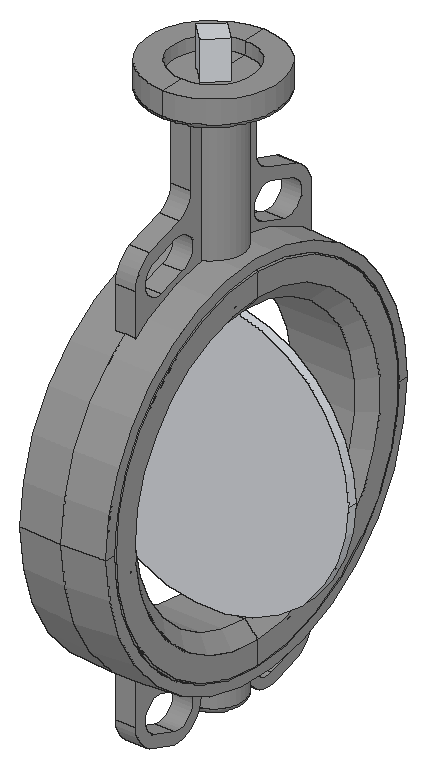
Revit family "Запорно-регулирующая заслонка ZF-4219", category Rohrzubehör, Revit 2020
Family settings
  Bemaßung runder Anschluss = Durchmesser verwenden
  Teiletyp = Unterbricht
  Arbeitsebenenbasiert = Nein
  Immer vertikal = Ja
  Beim Laden mit Abzugskörper schneiden = Nein
  Gemeinsam genutzt = Nein
Parameters
  Шпиндель = "Нержавеющая сталь ASTM-A276 / Type 316"  # constant formula
  Фланцевое соединение = "В соответствии с EN1092-2"  # constant formula
  Уплотнение корпуса = "EPDM в соответствии с ISO 1691"  # constant formula
  Среда = "Качество теплоносителя в соответствии с ÖNORM H5195 и/или предписаниями VDI 2035.\r\nРазрешается использование смеси этилен или пропиленгликоля в соотношении 25-50% с водой."
  Область применения = "Применяются в системах тепло- и холодоснабжения."
  Номер заказа [instance] = size_lookup("4219_ZF", "Artnr", 1421901, Nennweite)  # 1421927
  Макс. рабочая температура = 110 °C  # constant formula
  Крутящий момент в Нм [instance] = size_lookup("4219_ZF", "NM", 350, Nennweite)  # 150
  Корпус = "Чугун GG, GJS-250/JL1040, в соответствии с EN1561"  # constant formula
  Диск = "Нержавеющая сталь 1.4408"  # constant formula
  Вес [instance] = size_lookup("4219_ZF", "M", 37.6, Nennweite)  # 16.6
  Vorgabe-Ansicht = 0 mm
  URL = "www.herz-armaturen.ru"
  Болты PN16 [instance] = if(Nennweite = 50 mm, "4x M16x100", if(Nennweite = 65 mm, "4x M16x100", if(Nennweite = 80 mm, "8x M16x100", if(Nennweite = 100 mm, "8x M16x110", if(Nennweite = 125 mm, "8x M16x120", if(Nennweite = 150 mm, "8x M20x120", if(Nennweite = 200 mm, "12x M20x130", if(Nennweite = 250 mm, "12x M24x140", "12x M24x160"))))))))  # "12x M20x130"
  Болты PN 6 [instance] = if(Nennweite = 50 mm, "4x M12x100", if(Nennweite = 65 mm, "4x M12x100", if(Nennweite = 80 mm, "4x M16x100", if(Nennweite = 100 mm, "4x M16x100", if(Nennweite = 125 mm, "8x M16x110", if(Nennweite = 150 mm, "8x M16x110", if(Nennweite = 200 mm, "--", if(Nennweite = 250 mm, "12x M16x130", "12xM16x140"))))))))  # "--"
  Болты PN10 [instance] = if(Nennweite = 50 mm, "4x M16x100", if(Nennweite = 65 mm, "4x M16x100", if(Nennweite = 80 mm, "4x M16x100", if(Nennweite = 100 mm, "4x M16x110", if(Nennweite = 125 mm, "8x M16x120", if(Nennweite = 150 mm, "8x M20x120", if(Nennweite = 200 mm, "8x M20x130", if(Nennweite = 250 mm, "12x M20x130", "12x M20x150"))))))))  # "8x M20x130"
  SCTWSEQ = "FW;SBT_TYP_FW=\"101\";2"
  SCTWCODE = "04;07;02"  # constant formula
  SCRNSEQ = "ARM;ARM_TYP=\"ALLF\";2"
  SCRNCODE = "05;13;02"  # constant formula
  R_Dichtung = 1.5 mm  # constant formula
  PN16 [instance] = or(Nennweite = 50 mm, Nennweite = 65 mm, Nennweite = 80 mm, Nennweite = 100 mm, Nennweite = 125 mm, Nennweite = 150 mm, Nennweite = 200 mm, Nennweite = 250 mm, Nennweite = 300 mm)  # yes
  PN10 [instance] = or(Nennweite = 50 mm, Nennweite = 65 mm, Nennweite = 80 mm, Nennweite = 100 mm, Nennweite = 125 mm, Nennweite = 150 mm, Nennweite = 200 mm, Nennweite = 250 mm, Nennweite = 300 mm)  # yes
  PN 6 [instance] = or(Nennweite = 50 mm, Nennweite = 65 mm, Nennweite = 80 mm, Nennweite = 100 mm, Nennweite = 125 mm, Nennweite = 150 mm, Nennweite = 250 mm, Nennweite = 300 mm)  # no
  PN = 16  # constant formula
  O-Ring = "EPDM в соответствии с ISO 1691"  # constant formula
  Nennweite [instance] = 200 mm
  Мин. рабочая температура = "-20.00 °C при соответствующей водно-гликолевой смеси"  # constant formula
  LO1 [instance] = R05 + 10 mm  # 141 mm
  L16 [instance] = L01 - L13  # 236 mm
  L15 [instance] = L01 + L12  # 263 mm
  L14 [instance] = size_lookup("4219_ZF", "L_14", 44.4 mm, Nennweite)  # 61.5 mm
  L13 [instance] = size_lookup("4219_ZF", "L_13", 15 mm, Nennweite)  # 9 mm
  L12 [instance] = size_lookup("4219_ZF", "L_12", 15 mm, Nennweite)  # 18 mm
  L11 [instance] = size_lookup("4219_ZF", "L_11", 15 mm, Nennweite)  # 20 mm
  L10 [instance] = size_lookup("4219_ZF", "L_10", 16 mm, Nennweite)  # 16 mm
  L09 [instance] = size_lookup("4219_ZF", "L9", 29 mm, Nennweite)  # 44 mm
  L08 [instance] = size_lookup("4219_ZF", "L8", 43 mm, Nennweite)  # 60 mm
  L07 [instance] = size_lookup("4219_ZF", "L7", 3.5 mm, Nennweite)  # 4.5 mm
  L06 [instance] = size_lookup("4219_ZF", "L6", 18 mm, Nennweite)  # 32 mm
  L05 [instance] = size_lookup("4219_ZF", "L5", 35 mm, Nennweite)  # 50 mm
  L04 [instance] = size_lookup("4219_ZF", "L4", 35 mm, Nennweite)  # 17.5 mm
  L03 [instance] = size_lookup("4219_ZF", "L3", 35 mm, Nennweite)  # 152.5 mm
  L02 [instance] = size_lookup("4219_ZF", "L2", 35 mm, Nennweite)  # 109 mm
  L01 [instance] = size_lookup("4219_ZF", "L1", 35 mm, Nennweite)  # 245 mm
  Hersteller = "HERZ Armaturen Ges.m.b.H."  # constant formula
  H [instance] = size_lookup("4219_ZF", "H1", 9 mm, Nennweite)  # 17 mm
  DN300 [instance] = Nennweite = 300 mm  # no
  DN250 [instance] = Nennweite = 250 mm  # no
  DN200 [instance] = Nennweite = 200 mm  # yes
  DN150 [instance] = Nennweite = 150 mm  # no
  DN125 [instance] = Nennweite = 125 mm  # no
  DN100 [instance] = Nennweite = 100 mm  # no
  DN 80 [instance] = Nennweite = 80 mm  # no
  DN 65 [instance] = Nennweite = 65 mm  # no
  DN 50 [instance] = Nennweite = 50 mm  # no
  BD [instance] = size_lookup("4219_ZF", "DB", 24 mm, Nennweite)  # 193.6 mm
  D09 [instance] = size_lookup("4219_ZF", "D9", 24 mm, Nennweite)  # 96.5 mm
  D08 [instance] = size_lookup("4219_ZF", "D8", 47 mm, Nennweite)  # 14 mm
  D07 [instance] = size_lookup("4219_ZF", "D7", 47 mm, Nennweite)  # 27.5 mm
  D06 [instance] = size_lookup("4219_ZF", "D6", 47 mm, Nennweite)  # 44 mm
  R05 [instance] = size_lookup("4219_ZF", "D5", 47 mm, Nennweite)  # 131 mm
  D05 [instance] = R05 * 2  # 262 mm
  D04 [instance] = size_lookup("4219_ZF", "D4", 41 mm, Nennweite)  # 124 mm
  D03 [instance] = size_lookup("4219_ZF", "D3", 35.5 mm, Nennweite)  # 116.5 mm
  R01 [instance] = size_lookup("4219_ZF", "D1", 28 mm, Nennweite)  # 103.5 mm
  R02 [instance] = size_lookup("4219_ZF", "D2", 30 mm, Nennweite)  # 105.5 mm
Reference planes
  plane 1 "Mitte (Vorne/hinten)": y = 0
  plane 2: z = 0
  plane 3 "Mitte (Links/rechts)": x = 0
Forms (mm)
  Revolve 1, solid, material "Herz-Metall-blau", detail levels fine
    sketch origin (0, 0, 0) x (1, 0, 0) y (0, 1, 0)
      loop
        line (0, 132.724) -> (-30, 131) -> (-30, 124) -> (-22, 124) -> (-22, 116.5) -> (-23.5, 116.5)
        arc (-23.5, 116.5) -> (-24.561, 116.061) -> (-25, 115) r 1.5
        line (-25, 115) -> (-25, 105.824)
        arc (-25, 105.824) -> (-24.729, 104.964) -> (-24.013, 104.415) r 1.5
        line (-24.013, 104.415) -> (-20.5, 103.5) -> (-16, 103.5) -> (-16, 105.5) -> (16, 105.5) -> (16, 103.5) -> (20.5, 103.5) -> (24.013, 104.415)
        arc (24.013, 104.415) -> (24.729, 104.964) -> (25, 105.824) r 1.5
        line (25, 105.824) -> (25, 115)
        arc (25, 115) -> (24.561, 116.061) -> (23.5, 116.5) r 1.5
        line (23.5, 116.5) -> (22, 116.5) -> (22, 124) -> (30, 124) -> (30, 131) -> (0, 132.724)
      axis (30, 0) -> (-30, 0)
    angle from 0 to 360
  Extrusion 2, solid, material "Herz-Metall-blau", visible <- "DN 50", detail levels fine
    sketch origin (0, 0, 0) x (0, 1, 0) y (0, 0, 1)
      loop
        line (20, 54.051) -> (20.008, 111.113) -> (16.897, 110.952)
        arc (16.897, 110.952) -> (15.55, 110.331) -> (15, 108.954) r 2
        line (15, 108.954) -> (15, 44.542)
        arc (15, 44.542) -> (31.465, 34.913) -> (42.748, 19.534) r 47
        arc (42.748, 19.534) -> (42.633, 20.873) -> (43.392, 21.983) r 2
        line (43.392, 21.983) -> (54.714, 30.209)
        arc (54.714, 30.209) -> (56.569, 56.569) -> (30.209, 54.714) r 17.5
        line (30.209, 54.714) -> (27.87, 51.494)
        arc (27.87, 51.494) -> (23.006, 49.914) -> (20, 54.051) r 4.35
      loop
        arc (32.065, 41.998) -> (33.588, 33.588) -> (41.998, 32.065) r 7.5
        line (41.998, 32.065) -> (48.502, 35.17)
        arc (48.502, 35.17) -> (51.265, 51.265) -> (35.17, 48.502) r 10
        line (35.17, 48.502) -> (32.065, 41.998)
      loop
        arc (-20, 54.051) -> (-23.006, 49.914) -> (-27.87, 51.494) r 4.35
        line (-27.87, 51.494) -> (-30.209, 54.714)
        arc (-30.209, 54.714) -> (-56.569, 56.569) -> (-54.714, 30.209) r 17.5
        line (-54.714, 30.209) -> (-43.392, 21.983)
        arc (-43.392, 21.983) -> (-42.633, 20.873) -> (-42.748, 19.534) r 2
        arc (-42.748, 19.534) -> (-31.465, 34.913) -> (-15, 44.542) r 47
        line (-15, 44.542) -> (-15, 108.954)
        arc (-15, 108.954) -> (-15.55, 110.331) -> (-16.897, 110.952) r 2
        line (-16.897, 110.952) -> (-20.008, 111.113) -> (-20, 54.051)
      loop
        line (-32.065, 41.998) -> (-35.17, 48.502)
        arc (-35.17, 48.502) -> (-51.265, 51.265) -> (-48.502, 35.17) r 10
        line (-48.502, 35.17) -> (-41.998, 32.065)
        arc (-41.998, 32.065) -> (-33.588, 33.588) -> (-32.065, 41.998) r 7.5
      loop
        line (32.065, -41.998) -> (35.17, -48.502)
        arc (35.17, -48.502) -> (51.265, -51.265) -> (48.502, -35.17) r 10
        line (48.502, -35.17) -> (41.998, -32.065)
        arc (41.998, -32.065) -> (33.588, -33.588) -> (32.065, -41.998) r 7.5
      loop
        line (54.714, -30.209) -> (43.392, -21.983)
        arc (43.392, -21.983) -> (42.633, -20.873) -> (42.748, -19.534) r 2
        arc (42.748, -19.534) -> (33.234, -33.234) -> (19.534, -42.748) r 47
        arc (19.534, -42.748) -> (20.873, -42.633) -> (21.983, -43.392) r 2
        line (21.983, -43.392) -> (30.209, -54.714)
        arc (30.209, -54.714) -> (56.569, -56.569) -> (54.714, -30.209) r 17.5
      loop
        arc (-32.065, -41.998) -> (-33.588, -33.588) -> (-41.998, -32.065) r 7.5
        line (-41.998, -32.065) -> (-48.502, -35.17)
        arc (-48.502, -35.17) -> (-51.265, -51.265) -> (-35.17, -48.502) r 10
        line (-35.17, -48.502) -> (-32.065, -41.998)
      loop
        arc (-54.714, -30.209) -> (-56.569, -56.569) -> (-30.209, -54.714) r 17.5
        line (-30.209, -54.714) -> (-21.983, -43.392)
        arc (-21.983, -43.392) -> (-20.873, -42.633) -> (-19.534, -42.748) r 2
        arc (-19.534, -42.748) -> (-33.234, -33.234) -> (-42.748, -19.534) r 47
        arc (-42.748, -19.534) -> (-42.633, -20.873) -> (-43.392, -21.983) r 2
        line (-43.392, -21.983) -> (-54.714, -30.209)
    from -4.5 to 4.5
  Extrusion 3, solid, material "Herz-Metall-blau", visible <- "DN 65", detail levels fine
    sketch origin (0, 0, 0) x (0, 1, 0) y (0, 0, 1)
      loop
        arc (51.659, 21.619) -> (51.541, 22.778) -> (52.089, 23.805) r 2
        line (52.089, 23.805) -> (65.407, 37.123)
        arc (65.407, 37.123) -> (65.407, 65.407) -> (37.123, 65.407) r 20
        line (37.123, 65.407) -> (29.414, 57.699)
        arc (29.414, 57.699) -> (27.235, 57.265) -> (26, 59.113) r 2
        line (26, 59.113) -> (26, 136.154) -> (19.897, 135.838)
        arc (19.897, 135.838) -> (18.55, 135.218) -> (18, 133.841) r 2
        line (18, 133.841) -> (18, 53.028)
        arc (18, 53.028) -> (38.206, 40.942) -> (51.659, 21.619) r 56
      loop
        arc (55.637, 42.831) -> (57.983, 57.983) -> (42.831, 55.637) r 9.5
        line (42.831, 55.637) -> (39.647, 48.983)
        arc (39.647, 48.983) -> (41.012, 41.012) -> (48.983, 39.647) r 7
        line (48.983, 39.647) -> (55.637, 42.831)
      loop
        arc (51.659, -21.619) -> (39.598, -39.598) -> (21.619, -51.659) r 56
        arc (21.619, -51.659) -> (22.778, -51.541) -> (23.805, -52.089) r 2
        line (23.805, -52.089) -> (37.123, -65.407)
        arc (37.123, -65.407) -> (65.407, -65.407) -> (65.407, -37.123) r 20
        line (65.407, -37.123) -> (52.089, -23.805)
        arc (52.089, -23.805) -> (51.541, -22.778) -> (51.659, -21.619) r 2
      loop
        line (55.637, -42.831) -> (48.983, -39.647)
        arc (48.983, -39.647) -> (41.012, -41.012) -> (39.647, -48.983) r 7
        line (39.647, -48.983) -> (42.831, -55.637)
        arc (42.831, -55.637) -> (57.983, -57.983) -> (55.637, -42.831) r 9.5
      loop
        arc (-51.659, -21.619) -> (-51.541, -22.778) -> (-52.089, -23.805) r 2
        line (-52.089, -23.805) -> (-65.407, -37.123)
        arc (-65.407, -37.123) -> (-65.407, -65.407) -> (-37.123, -65.407) r 20
        line (-37.123, -65.407) -> (-23.805, -52.089)
        arc (-23.805, -52.089) -> (-22.778, -51.541) -> (-21.619, -51.659) r 2
        arc (-21.619, -51.659) -> (-39.598, -39.598) -> (-51.659, -21.619) r 56
      loop
        arc (-55.637, -42.831) -> (-57.983, -57.983) -> (-42.831, -55.637) r 9.5
        line (-42.831, -55.637) -> (-39.647, -48.983)
        arc (-39.647, -48.983) -> (-41.012, -41.012) -> (-48.983, -39.647) r 7
        line (-48.983, -39.647) -> (-55.637, -42.831)
      loop
        arc (-51.659, 21.619) -> (-38.206, 40.942) -> (-18, 53.028) r 56
        line (-18, 53.028) -> (-18, 133.838)
        arc (-18, 133.838) -> (-18.55, 135.215) -> (-19.897, 135.835) r 2
        line (-19.897, 135.835) -> (-26, 136.151) -> (-26, 59.113)
        arc (-26, 59.113) -> (-27.235, 57.265) -> (-29.414, 57.699) r 2
        line (-29.414, 57.699) -> (-37.123, 65.407)
        arc (-37.123, 65.407) -> (-65.407, 65.407) -> (-65.407, 37.123) r 20
        line (-65.407, 37.123) -> (-52.089, 23.805)
        arc (-52.089, 23.805) -> (-51.541, 22.778) -> (-51.659, 21.619) r 2
      loop
        line (-55.637, 42.831) -> (-48.983, 39.647)
        arc (-48.983, 39.647) -> (-41.012, 41.012) -> (-39.647, 48.983) r 7
        line (-39.647, 48.983) -> (-42.831, 55.637)
        arc (-42.831, 55.637) -> (-57.983, 57.983) -> (-55.637, 42.831) r 9.5
    from -4.5 to 4.5
  Extrusion 4, solid, material "Herz-Metall-blau", visible <- "DN 80", detail levels fine
    sketch origin (0, 0, 0) x (0, 1, 0) y (0, 0, 1)
      loop
        line (26, 143.161) -> (20.397, 142.871)
        arc (20.397, 142.871) -> (19.05, 142.251) -> (18.5, 140.874) r 2
        line (18.5, 140.874) -> (18.5, 62.833)
        arc (18.5, 62.833) -> (41.296, 50.842) -> (57.706, 30.989) r 65.5
        arc (57.706, 30.989) -> (57.482, 32.176) -> (57.983, 33.275) r 2
        line (57.983, 33.275) -> (67.23, 43.52)
        arc (67.23, 43.52) -> (70.328, 54.798) -> (65.407, 65.407) r 17
        line (65.407, 65.407) -> (42.005, 86.53)
        arc (42.005, 86.53) -> (37.832, 89.302) -> (33.031, 90.738) r 17
        arc (33.031, 90.738) -> (27.974, 93.895) -> (26, 99.52) r 9
        line (26, 99.52) -> (26, 143.161)
      loop
        circle (30.615, 73.91) r 9.5
      loop
        circle (53.387, 53.387) r 9.5
      loop
        arc (57.706, -30.989) -> (41.296, -50.842) -> (18.5, -62.833) r 65.5
        line (18.5, -62.833) -> (18.5, -85.837)
        arc (18.5, -85.837) -> (30.113, -90.903) -> (42.005, -86.53) r 17
        line (42.005, -86.53) -> (65.407, -65.407)
        arc (65.407, -65.407) -> (70.328, -54.798) -> (67.23, -43.52) r 17
        line (67.23, -43.52) -> (57.983, -33.275)
        arc (57.983, -33.275) -> (57.482, -32.176) -> (57.706, -30.989) r 2
      loop
        circle (30.615, -73.91) r 9.5
      loop
        circle (53.387, -53.387) r 9.5
      loop
        arc (-57.706, -30.989) -> (-57.482, -32.176) -> (-57.983, -33.275) r 2
        line (-57.983, -33.275) -> (-67.23, -43.52)
        arc (-67.23, -43.52) -> (-70.328, -54.798) -> (-65.407, -65.407) r 17
        line (-65.407, -65.407) -> (-42.005, -86.53)
        arc (-42.005, -86.53) -> (-30.113, -90.903) -> (-18.5, -85.837) r 17
        line (-18.5, -85.837) -> (-18.5, -62.833)
        arc (-18.5, -62.833) -> (-41.296, -50.842) -> (-57.706, -30.989) r 65.5
      loop
        circle (-30.615, -73.91) r 9.5
      loop
        circle (-53.387, -53.387) r 9.5
      loop
        line (-26, 143.179) -> (-26, 99.52)
        arc (-26, 99.52) -> (-27.974, 93.895) -> (-33.031, 90.738) r 9
        arc (-33.031, 90.738) -> (-37.832, 89.302) -> (-42.005, 86.53) r 17
        line (-42.005, 86.53) -> (-65.407, 65.407)
        arc (-65.407, 65.407) -> (-70.328, 54.798) -> (-67.23, 43.52) r 17
        line (-67.23, 43.52) -> (-57.983, 33.275)
        arc (-57.983, 33.275) -> (-57.482, 32.176) -> (-57.706, 30.989) r 2
        arc (-57.706, 30.989) -> (-41.296, 50.842) -> (-18.5, 62.833) r 65.5
        line (-18.5, 62.833) -> (-18.5, 140.891)
        arc (-18.5, 140.891) -> (-19.05, 142.268) -> (-20.397, 142.888) r 2
        line (-20.397, 142.888) -> (-26, 143.179)
      loop
        circle (-30.615, 73.91) r 9.5
      loop
        circle (-53.387, 53.387) r 9.5
    from -4.5 to 4.5
  Extrusion 5, solid, material "Herz-Metall-blau", visible <- "DN100", detail levels fine
    sketch origin (0, 0, 0) x (0, 1, 0) y (0, 0, 1)
      loop
        line (64.131, 38.887) -> (73.681, 49.873)
        arc (73.681, 49.873) -> (77.063, 61.29) -> (72.125, 72.125) r 17
        line (72.125, 72.125) -> (45.809, 95.79)
        arc (45.809, 95.79) -> (41.366, 98.675) -> (36.25, 100.053) r 17
        arc (36.25, 100.053) -> (28.882, 104.596) -> (26, 112.759) r 13
        line (26, 112.759) -> (26, 166.173) -> (20.397, 165.883)
        arc (20.397, 165.883) -> (19.05, 165.263) -> (18.5, 163.886) r 2
        line (18.5, 163.886) -> (18.5, 72.683)
        arc (18.5, 72.683) -> (44.637, 60.27) -> (64.131, 38.887) r 75
      loop
        circle (60.104, 60.104) r 9.5
      loop
        circle (34.442, 83.149) r 9.5
      loop
        arc (64.131, -38.887) -> (44.637, -60.27) -> (18.5, -72.683) r 75
        line (18.5, -72.683) -> (18.5, -95.329)
        arc (18.5, -95.329) -> (21.473, -95.603) -> (24.233, -96.743) r 10
        arc (24.233, -96.743) -> (35.191, -100.133) -> (45.809, -95.79) r 17
        line (45.809, -95.79) -> (72.125, -72.125)
        arc (72.125, -72.125) -> (77.063, -61.29) -> (73.681, -49.873) r 17
        line (73.681, -49.873) -> (64.131, -38.887)
      loop
        circle (60.104, -60.104) r 9.5
      loop
        circle (34.442, -83.149) r 9.5
      loop
        line (-64.131, -38.887) -> (-73.681, -49.873)
        arc (-73.681, -49.873) -> (-77.063, -61.29) -> (-72.125, -72.125) r 17
        line (-72.125, -72.125) -> (-45.809, -95.79)
        arc (-45.809, -95.79) -> (-35.191, -100.133) -> (-24.233, -96.743) r 17
        arc (-24.233, -96.743) -> (-21.473, -95.603) -> (-18.5, -95.329) r 10
        line (-18.5, -95.329) -> (-18.5, -72.683)
        arc (-18.5, -72.683) -> (-44.637, -60.27) -> (-64.131, -38.887) r 75
      loop
        circle (-60.104, -60.104) r 9.5
      loop
        circle (-34.442, -83.149) r 9.5
      loop
        arc (-64.131, 38.887) -> (-44.637, 60.27) -> (-18.5, 72.683) r 75
        line (-18.5, 72.683) -> (-18.5, 163.876)
        arc (-18.5, 163.876) -> (-19.05, 165.253) -> (-20.397, 165.873) r 2
        line (-20.397, 165.873) -> (-26, 166.164) -> (-26, 112.759)
        arc (-26, 112.759) -> (-28.882, 104.596) -> (-36.25, 100.053) r 13
        arc (-36.25, 100.053) -> (-41.366, 98.675) -> (-45.809, 95.79) r 17
        line (-45.809, 95.79) -> (-72.125, 72.125)
        arc (-72.125, 72.125) -> (-77.063, 61.29) -> (-73.681, 49.873) r 17
        line (-73.681, 49.873) -> (-64.131, 38.887)
      loop
        circle (-60.104, 60.104) r 9.5
      loop
        circle (-34.442, 83.149) r 9.5
    from -4.5 to 4.5
  Extrusion 6, solid, material "Herz-Metall-blau", visible <- "DN125", detail levels fine
    sketch origin (0, 0, 0) x (0, 1, 0) y (0, 0, 1)
      loop
        arc (75.229, 48.945) -> (74.917, 50.244) -> (75.492, 51.45) r 2
        line (75.492, 51.45) -> (82.731, 58.69)
        arc (82.731, 58.69) -> (87.711, 70.711) -> (82.731, 82.731) r 17
        line (82.731, 82.731) -> (51.291, 109.875)
        arc (51.291, 109.875) -> (46.108, 112.941) -> (40.182, 114.007) r 17
        line (40.182, 114.007) -> (38, 114.007)
        arc (38, 114.007) -> (29.515, 117.522) -> (26, 126.007) r 12
        line (26, 126.007) -> (26, 185.157) -> (20.397, 184.867)
        arc (20.397, 184.867) -> (19.05, 184.246) -> (18.5, 182.869) r 2
        line (18.5, 182.869) -> (18.5, 87.823)
        arc (18.5, 87.823) -> (50.736, 74.033) -> (75.229, 48.945) r 89.75
      loop
        circle (40.182, 97.007) r 9.5
      loop
        circle (70.711, 70.711) r 9.5
      loop
        arc (75.229, -48.945) -> (50.736, -74.033) -> (18.5, -87.823) r 89.75
        line (18.5, -87.823) -> (18.5, -108.431)
        arc (18.5, -108.431) -> (24.248, -107.655) -> (29.46, -110.2) r 10
        arc (29.46, -110.2) -> (40.434, -114.005) -> (51.291, -109.875) r 17
        line (51.291, -109.875) -> (82.731, -82.731)
        arc (82.731, -82.731) -> (87.711, -70.711) -> (82.731, -58.69) r 17
        line (82.731, -58.69) -> (75.492, -51.45)
        arc (75.492, -51.45) -> (74.917, -50.244) -> (75.229, -48.945) r 2
      loop
        circle (40.182, -97.007) r 9.5
      loop
        circle (70.711, -70.711) r 9.5
      loop
        arc (-75.229, -48.945) -> (-74.917, -50.244) -> (-75.492, -51.45) r 2
        line (-75.492, -51.45) -> (-82.731, -58.69)
        arc (-82.731, -58.69) -> (-87.711, -70.711) -> (-82.731, -82.731) r 17
        line (-82.731, -82.731) -> (-51.291, -109.875)
        arc (-51.291, -109.875) -> (-40.434, -114.005) -> (-29.46, -110.2) r 17
        arc (-29.46, -110.2) -> (-24.248, -107.655) -> (-18.5, -108.431) r 10
        line (-18.5, -108.431) -> (-18.5, -87.823)
        arc (-18.5, -87.823) -> (-50.736, -74.033) -> (-75.229, -48.945) r 89.75
      loop
        circle (-40.182, -97.007) r 9.5
      loop
        circle (-70.711, -70.711) r 9.5
      loop
        arc (-75.229, 48.945) -> (-50.736, 74.033) -> (-18.5, 87.823) r 89.75
        line (-18.5, 87.823) -> (-18.5, 182.852)
        arc (-18.5, 182.852) -> (-19.05, 184.23) -> (-20.397, 184.85) r 2
        line (-20.397, 184.85) -> (-26, 185.14) -> (-26, 126.007)
        arc (-26, 126.007) -> (-29.515, 117.522) -> (-38, 114.007) r 12
        line (-38, 114.007) -> (-40.182, 114.007)
        arc (-40.182, 114.007) -> (-46.108, 112.941) -> (-51.291, 109.875) r 17
        line (-51.291, 109.875) -> (-82.731, 82.731)
        arc (-82.731, 82.731) -> (-87.711, 70.711) -> (-82.731, 58.69) r 17
        line (-82.731, 58.69) -> (-75.492, 51.45)
        arc (-75.492, 51.45) -> (-74.917, 50.244) -> (-75.229, 48.945) r 2
      loop
        circle (-40.182, 97.007) r 9.5
      loop
        circle (-70.711, 70.711) r 9.5
    from -6 to 6
  Extrusion 7, solid, material "Herz-Metall-blau", visible <- "DN150", detail levels fine
    sketch origin (0, 0, 0) x (0, 1, 0) y (0, 0, 1)
      loop
        line (83.495, 59.454) -> (91.57, 67.529)
        arc (91.57, 67.529) -> (96.55, 79.55) -> (91.57, 91.57) r 17
        line (91.57, 91.57) -> (57.511, 123.304)
        arc (57.511, 123.304) -> (45.758, 127.865) -> (34.095, 123.077) r 17
        arc (34.095, 123.077) -> (28.976, 122.416) -> (26, 126.633) r 5
        line (26, 126.633) -> (26, 198.177) -> (20.397, 197.887)
        arc (20.397, 197.887) -> (19.05, 197.267) -> (18.5, 195.889) r 2
        line (18.5, 195.889) -> (18.5, 100.817)
        arc (18.5, 100.817) -> (55.032, 86.474) -> (83.495, 59.454) r 102.5
      loop
        circle (45.922, 110.866) r 11.5
      loop
        circle (79.55, 79.55) r 9.5
      loop
        circle (45.922, -110.866) r 11.5
      loop
        circle (79.55, -79.55) r 9.5
      loop
        line (91.57, -67.529) -> (83.495, -59.454)
        arc (83.495, -59.454) -> (55.032, -86.474) -> (18.5, -100.817) r 102.5
        line (18.5, -100.817) -> (18.5, -123.208)
        arc (18.5, -123.208) -> (19.363, -121.755) -> (21.03, -121.482) r 2
        line (21.03, -121.482) -> (42.642, -127.546)
        arc (42.642, -127.546) -> (50.587, -127.213) -> (57.511, -123.304) r 17
        line (57.511, -123.304) -> (91.57, -91.57)
        arc (91.57, -91.57) -> (96.55, -79.55) -> (91.57, -67.529) r 17
      loop
        arc (-83.495, 59.454) -> (-55.032, 86.474) -> (-18.5, 100.817) r 102.5
        line (-18.5, 100.817) -> (-18.5, 195.875)
        arc (-18.5, 195.875) -> (-19.05, 197.252) -> (-20.397, 197.872) r 2
        line (-20.397, 197.872) -> (-26, 198.163) -> (-26, 126.633)
        arc (-26, 126.633) -> (-28.976, 122.416) -> (-34.095, 123.077) r 5
        arc (-34.095, 123.077) -> (-45.758, 127.865) -> (-57.511, 123.304) r 17
        line (-57.511, 123.304) -> (-91.57, 91.57)
        arc (-91.57, 91.57) -> (-96.55, 79.55) -> (-91.57, 67.529) r 17
        line (-91.57, 67.529) -> (-83.495, 59.454)
      loop
        circle (-45.922, 110.866) r 11.5
      loop
        circle (-79.55, 79.55) r 9.5
      loop
        circle (-45.922, -110.866) r 11.5
      loop
        circle (-79.55, -79.55) r 9.5
      loop
        arc (-91.57, -67.529) -> (-96.55, -79.55) -> (-91.57, -91.57) r 17
        line (-91.57, -91.57) -> (-57.511, -123.304)
        arc (-57.511, -123.304) -> (-50.587, -127.213) -> (-42.642, -127.546) r 17
        line (-42.642, -127.546) -> (-21.03, -121.482)
        arc (-21.03, -121.482) -> (-19.363, -121.755) -> (-18.5, -123.208) r 2
        line (-18.5, -123.208) -> (-18.5, -100.817)
        arc (-18.5, -100.817) -> (-55.032, -86.474) -> (-83.495, -59.454) r 102.5
        line (-83.495, -59.454) -> (-91.57, -67.529)
    from -7 to 7
  Extrusion 8, solid, material "Herz-Metall-blau", visible <- "DN200", detail levels fine
    sketch origin (0, 0, 0) x (0, 1, 0) y (0, 0, 1)
      loop
        arc (42.048, 153.832) -> (26.654, 145.827) -> (35.349, 130.812) r 12
        line (35.349, 130.812) -> (53.31, 124.689)
        arc (53.31, 124.689) -> (67.804, 132.4) -> (61.038, 147.359) r 12
        line (61.038, 147.359) -> (42.048, 153.832)
      loop
        line (28, 226.273) -> (22.065, 226.047)
        arc (22.065, 226.047) -> (20.655, 225.469) -> (20, 224.092) r 2.114
        line (20, 224.092) -> (20, 129.471)
        arc (20, 129.471) -> (49.604, 121.273) -> (76.485, 106.406) r 130.989
        line (76.485, 106.406) -> (76.485, 136.265)
        arc (76.485, 136.265) -> (73.108, 147.391) -> (64.117, 154.764) r 20.019
        line (64.117, 154.764) -> (38.16, 163.592)
        arc (38.16, 163.592) -> (30.802, 169.06) -> (28, 177.79) r 15
        line (28, 177.79) -> (28, 226.273)
      loop
        line (42.048, -153.832) -> (61.038, -147.359)
        arc (61.038, -147.359) -> (67.804, -132.4) -> (53.31, -124.689) r 12
        line (53.31, -124.689) -> (35.349, -130.812)
        arc (35.349, -130.812) -> (26.654, -145.827) -> (42.048, -153.832) r 12
      loop
        arc (76.446, -106.382) -> (49.585, -121.253) -> (20, -129.464) r 131
        line (20, -129.464) -> (20, -141.835)
        arc (20, -141.835) -> (28.361, -158.099) -> (46.453, -160.765) r 20
        line (46.453, -160.765) -> (64.099, -154.75)
        arc (64.099, -154.75) -> (73.075, -147.384) -> (76.446, -136.272) r 20
        line (76.446, -136.272) -> (76.446, -106.382)
      loop
        arc (-42.048, -153.832) -> (-26.654, -145.827) -> (-35.349, -130.812) r 12
        line (-35.349, -130.812) -> (-53.31, -124.689)
        arc (-53.31, -124.689) -> (-67.804, -132.4) -> (-61.038, -147.359) r 12
        line (-61.038, -147.359) -> (-42.048, -153.832)
      loop
        line (-76.446, -106.382) -> (-76.446, -136.272)
        arc (-76.446, -136.272) -> (-73.075, -147.384) -> (-64.099, -154.75) r 20
        line (-64.099, -154.75) -> (-46.453, -160.765)
        arc (-46.453, -160.765) -> (-28.361, -158.099) -> (-20, -141.835) r 20
        line (-20, -141.835) -> (-20, -129.464)
        arc (-20, -129.464) -> (-49.585, -121.253) -> (-76.446, -106.382) r 131
      loop
        line (-42.048, 153.832) -> (-61.038, 147.359)
        arc (-61.038, 147.359) -> (-67.804, 132.4) -> (-53.31, 124.689) r 12
        line (-53.31, 124.689) -> (-35.349, 130.812)
        arc (-35.349, 130.812) -> (-26.654, 145.827) -> (-42.048, 153.832) r 12
      loop
        line (-28, 226.278) -> (-28, 177.79)
        arc (-28, 177.79) -> (-30.802, 169.06) -> (-38.16, 163.592) r 15
        line (-38.16, 163.592) -> (-64.117, 154.764)
        arc (-64.117, 154.764) -> (-73.108, 147.391) -> (-76.485, 136.265) r 20.019
        line (-76.485, 136.265) -> (-76.485, 106.406)
        arc (-76.485, 106.406) -> (-49.604, 121.273) -> (-20, 129.471) r 130.989
        line (-20, 129.471) -> (-20, 224.098)
        arc (-20, 224.098) -> (-20.655, 225.475) -> (-22.065, 226.053) r 2.114
        line (-22.065, 226.053) -> (-28, 226.278)
    from -7 to 7
  Extrusion 9, solid, material "Herz-Metall-blau", visible <- "DN250", detail levels fine
    sketch origin (0, 0, 0) x (0, 1, 0) y (0, 0, 1)
      loop
        arc (-95.9, 125.382) -> (-61.406, 145.382) -> (-23, 156.095) r 157.75
        line (-23, 156.095) -> (-23, 258.814)
        arc (-23, 258.814) -> (-23.588, 260.113) -> (-24.893, 260.69) r 2
        line (-24.893, 260.69) -> (-32, 261.058) -> (-32, 187.712)
        arc (-32, 187.712) -> (-33.507, 185.205) -> (-36.428, 185.359) r 2.84
        arc (-36.428, 185.359) -> (-43.951, 188.152) -> (-51.918, 187.184) r 17
        line (-51.918, 187.184) -> (-97.072, 155.872)
        arc (-97.072, 155.872) -> (-100.207, 149.167) -> (-100.195, 141.765) r 17
        line (-100.195, 141.765) -> (-95.9, 125.382)
      loop
        circle (-83.608, 145.492) r 9.5
      loop
        circle (-45.549, 171.269) r 14
      loop
        arc (96.192, -125.349) -> (61.575, -145.51) -> (23, -156.317) r 157.999
        line (23, -156.317) -> (23, -181.388) -> (27.217, -181.388)
        arc (27.217, -181.388) -> (30.142, -181.826) -> (32.812, -183.1) r 10
        line (32.812, -183.1) -> (36.428, -185.542)
        arc (36.428, -185.542) -> (44.468, -188.388) -> (52.878, -186.972) r 17
        line (52.878, -186.972) -> (97.463, -155.872)
        arc (97.463, -155.872) -> (100.598, -149.167) -> (100.586, -141.765) r 17
        line (100.586, -141.765) -> (96.192, -125.349)
      loop
        circle (84, -145.492) r 9.5
      loop
        circle (45.94, -171.452) r 14
      loop
        line (-96.192, -125.349) -> (-100.586, -141.765)
        arc (-100.586, -141.765) -> (-100.598, -149.167) -> (-97.463, -155.872) r 17
        line (-97.463, -155.872) -> (-52.878, -186.972)
        arc (-52.878, -186.972) -> (-44.468, -188.388) -> (-36.428, -185.542) r 17
        line (-36.428, -185.542) -> (-32.812, -183.1)
        arc (-32.812, -183.1) -> (-30.142, -181.826) -> (-27.217, -181.388) r 10
        line (-27.217, -181.388) -> (-23, -181.388) -> (-23, -156.317)
        arc (-23, -156.317) -> (-61.575, -145.51) -> (-96.192, -125.349) r 157.999
      loop
        circle (-84, -145.492) r 9.5
      loop
        circle (-45.94, -171.452) r 14
      loop
        line (95.9, 125.2) -> (100.195, 141.582)
        arc (100.195, 141.582) -> (100.207, 148.984) -> (97.072, 155.689) r 17
        line (97.072, 155.689) -> (51.919, 187.036)
        arc (51.919, 187.036) -> (43.952, 188.006) -> (36.428, 185.212) r 17
        arc (36.428, 185.212) -> (33.507, 185.058) -> (32, 187.566) r 2.84
        line (32, 187.566) -> (32, 261.045) -> (24.893, 260.677)
        arc (24.893, 260.677) -> (23.588, 260.1) -> (23, 258.801) r 2
        line (23, 258.801) -> (23, 155.948)
        arc (23, 155.948) -> (61.411, 145.223) -> (95.9, 125.2) r 157.605
      loop
        circle (83.608, 145.31) r 9.5
      loop
        circle (45.549, 171.122) r 14
    from -9 to 9
  Extrusion 10, solid, material "Herz-Metall-blau", visible <- "DN300", detail levels fine
    sketch origin (0, 0, 0) x (0, 1, 0) y (0, 0, 1)
      loop
        arc (62.57, 187.834) -> (56.268, 211.23) -> (39.112, 194.12) r 14
        line (39.112, 194.12) -> (40.223, 189.928)
        arc (40.223, 189.928) -> (48.374, 181.769) -> (59.504, 184.767) r 11.5
        line (59.504, 184.767) -> (62.57, 187.834)
      loop
        circle (98.337, 170.892) r 12
      loop
        arc (113.094, 162.454) -> (114.748, 175.326) -> (106.837, 185.615) r 17
        line (106.837, 185.615) -> (61.701, 211.919)
        arc (61.701, 211.919) -> (54.44, 214.463) -> (46.806, 213.516) r 16.852
        arc (46.806, 213.516) -> (36.904, 213.681) -> (32, 222.285) r 10
        line (32, 222.285) -> (32, 286.38) -> (24.895, 286.033)
        arc (24.895, 286.033) -> (23.576, 285.442) -> (23, 284.117) r 2
        line (23, 284.117) -> (23, 181.202)
        arc (23, 181.202) -> (65.613, 170.505) -> (104.437, 149.94) r 182.63
        line (104.437, 149.94) -> (113.094, 162.454)
      loop
        line (62.984, -188.142) -> (59.917, -185.075)
        arc (59.917, -185.075) -> (48.787, -182.077) -> (40.637, -190.235) r 11.5
        line (40.637, -190.235) -> (39.525, -194.427)
        arc (39.525, -194.427) -> (56.681, -211.538) -> (62.984, -188.142) r 14
      loop
        circle (98.75, -171.04) r 12
      loop
        line (113.508, -162.601) -> (104.75, -150.055)
        arc (104.75, -150.055) -> (65.787, -170.766) -> (23, -181.549) r 183
        line (23, -181.549) -> (23, -206.327)
        arc (23, -206.327) -> (24.157, -204.218) -> (26.558, -204.062) r 2.5
        line (26.558, -204.062) -> (45.918, -213.443)
        arc (45.918, -213.443) -> (53.906, -214.994) -> (61.701, -212.654) r 17
        line (61.701, -212.654) -> (107.25, -185.762)
        arc (107.25, -185.762) -> (115.162, -175.474) -> (113.508, -162.601) r 17
      loop
        arc (-62.984, -188.142) -> (-56.681, -211.538) -> (-39.525, -194.427) r 14
        line (-39.525, -194.427) -> (-40.637, -190.235)
        arc (-40.637, -190.235) -> (-48.787, -182.077) -> (-59.917, -185.075) r 11.5
        line (-59.917, -185.075) -> (-62.984, -188.142)
      loop
        circle (-98.75, -171.04) r 12
      loop
        arc (-113.508, -162.601) -> (-115.162, -175.474) -> (-107.25, -185.762) r 17
        line (-107.25, -185.762) -> (-61.701, -212.654)
        arc (-61.701, -212.654) -> (-53.906, -214.994) -> (-45.918, -213.443) r 17
        line (-45.918, -213.443) -> (-26.558, -204.062)
        arc (-26.558, -204.062) -> (-24.157, -204.218) -> (-23, -206.327) r 2.5
        line (-23, -206.327) -> (-23, -181.549)
        arc (-23, -181.549) -> (-65.787, -170.766) -> (-104.75, -150.055) r 183
        line (-104.75, -150.055) -> (-113.508, -162.601)
      loop
        line (-62.574, 188.142) -> (-59.508, 185.075)
        arc (-59.508, 185.075) -> (-48.378, 182.077) -> (-40.227, 190.235) r 11.5
        line (-40.227, 190.235) -> (-39.116, 194.427)
        arc (-39.116, 194.427) -> (-56.272, 211.538) -> (-62.574, 188.142) r 14
      loop
        circle (-98.34, 171.04) r 12
      loop
        line (-113.098, 162.601) -> (-104.44, 150.087)
        arc (-104.44, 150.087) -> (-65.611, 170.637) -> (-23, 181.326) r 182.753
        line (-23, 181.326) -> (-23, 284.115)
        arc (-23, 284.115) -> (-23.577, 285.441) -> (-24.896, 286.032) r 2
        line (-24.896, 286.032) -> (-32, 286.379) -> (-32, 222.593)
        arc (-32, 222.593) -> (-37.217, 213.811) -> (-47.425, 214.193) r 10
        arc (-47.425, 214.193) -> (-54.523, 214.911) -> (-61.291, 212.654) r 17
        line (-61.291, 212.654) -> (-106.84, 185.762)
        arc (-106.84, 185.762) -> (-114.752, 175.474) -> (-113.098, 162.601) r 17
    from -9 to 9
  Revolve 11, solid, material "Herz-Metall-blau"
    sketch origin (0, 0, 0) x (0, 1, 0) y (0, 0, 1)
      loop
        line (0, -131) -> (0, -152.5) -> (17, -152.5)
        arc (17, -152.5) -> (19.121, -151.621) -> (20, -149.5) r 3
        line (20, -149.5) -> (20, -129.464)
        arc (20, -129.464) -> (10.029, -130.616) -> (0, -131) r 131
      axis (0, -129.464) -> (0, -152.5)
    angle from 0 to 360
  Revolve 12, solid, material "Herz-Metall-blau"
    sketch origin (0, 0, 0) x (0, 1, 0) y (0, 0, 1)
      loop
        line (0, 236) -> (0, 131)
        arc (0, 131) -> (10.029, 130.616) -> (20, 129.464) r 131
        line (20, 129.464) -> (20, 223.944)
        arc (20, 223.944) -> (20.549, 225.32) -> (21.895, 225.941) r 2
        line (21.895, 225.941) -> (42.105, 227)
        arc (42.105, 227) -> (43.451, 227.621) -> (44, 228.997) r 2
        line (44, 228.997) -> (44, 245) -> (27.5, 245) -> (27.5, 236) -> (0, 236)
      axis (0, 245) -> (0, 129.464)
    angle from 0 to 360
  Revolve 13, solid, material "Gummi"
    sketch origin (0, 0, 0) x (1, 0, 0) y (0, 0, 1)
      loop
        arc (-29.258, 124) -> (-30.313, 123.563) -> (-30.75, 122.508) r 1.492
        line (-30.75, 122.508) -> (-30.75, 105.718) -> (-22, 96.5) -> (22, 96.5) -> (30.75, 106.945) -> (30.75, 123)
        arc (30.75, 123) -> (30.457, 123.707) -> (29.75, 124) r 1
        line (29.75, 124) -> (22, 124) -> (22, 116.5) -> (23.5, 116.5)
        arc (23.5, 116.5) -> (24.561, 116.061) -> (25, 115) r 1.5
        line (25, 115) -> (25, 105.988)
        arc (25, 105.988) -> (24.622, 104.993) -> (23.68, 104.499) r 1.5
        line (23.68, 104.499) -> (20.5, 103.5) -> (16.527, 103.5) -> (16.527, 105.5) -> (-15.473, 105.5) -> (-15.473, 103.5) -> (-20.5, 103.5) -> (-23.68, 104.499)
        arc (-23.68, 104.499) -> (-24.622, 104.993) -> (-25, 105.988) r 1.5
        line (-25, 105.988) -> (-25, 115)
        arc (-25, 115) -> (-24.561, 116.061) -> (-23.5, 116.5) r 1.5
        line (-23.5, 116.5) -> (-22, 116.5) -> (-22, 124) -> (-29.258, 124)
      axis (-30.75, 0) -> (30.75, 0)
    angle from 0 to 360
  Extrusion 14, solid, detail levels fine
    sketch origin (0, 0, 0) x (1, 0, 0) y (0, 0, 1)
      loop
        circle (0, 0) r 96.8
    from -3 to 3
  Extrusion 15, solid, detail levels fine
    sketch origin (0, 0, 0) x (1, 0, 0) y (0, 1, 0)
      loop
        line (0, 12.021) -> (-12.021, 0) -> (0, -12.021) -> (12.021, 0) -> (0, 12.021)
    from 236 <- "L16" to 263 <- "L15"
Lines and regions (mm)
  model lines, detail levels coarse+medium
    curve 1: line (-30, 131, 0) -> (30, 131, 0)
    curve 2: line (-30, -131, 0) -> (-30, 131, 0)
    curve 3: line (30, -131, 0) -> (-30, -131, 0)
    curve 4: line (30, 131, 0) -> (30, -131, 0)
    curve 5: line (-30, 131, 0) -> (30, -131, 0)
    curve 6: circle (0, 0, 0) r 5 normal (0, 0, 1)
    curve 7: line (-30, 0, 131) -> (30, 0, 131)
    curve 8: line (-30, 0, -131) -> (-30, 0, 131)
    curve 9: line (30, 0, -131) -> (-30, 0, -131)
    curve 10: line (30, 0, 131) -> (30, 0, -131)
    curve 11: line (-30, 0, 131) -> (30, 0, -131)
    curve 12: circle (0, 0, 0) r 7 normal (0, -1, 0)
Dimensions and locks
  "L08": Revolve 1 sketch curve to Revolve 1 sketch curve
  equal spacing: Revolve 1 sketch curve, plane 3 "Mitte (Links/rechts)", Revolve 1 sketch curve  (x4)
  "L07": Revolve 1 sketch curve to Revolve 1 sketch curve  (x2)
  "L06": Revolve 1 sketch curve to Revolve 1 sketch curve
  "L05": Revolve 1 sketch curve to Revolve 1 sketch curve
  "L09": Revolve 1 sketch curve to Revolve 1 sketch curve
  "R05": plane 1 "Mitte (Vorne/hinten)" to Revolve 1 sketch curve  (x2)
  "D04": plane 1 "Mitte (Vorne/hinten)" to Revolve 1 sketch curve  (x2)
  "D03": plane 1 "Mitte (Vorne/hinten)" to Revolve 1 sketch curve  (x2)
  "R01": plane 1 "Mitte (Vorne/hinten)" to Revolve 1 sketch curve  (x2)
  "R02": plane 1 "Mitte (Vorne/hinten)" to Revolve 1 sketch curve
  equal spacing: curve 2, plane 3 "Mitte (Links/rechts)", curve 4
  equal spacing: curve 3, plane 1 "Mitte (Vorne/hinten)", curve 1
  "L08": curve 2 to curve 4
  "D05": curve 3 to curve 1
  equal spacing: curve 10, plane 3 "Mitte (Links/rechts)", curve 8
  equal spacing: curve 7, level, curve 9
  "D05": curve 7 to curve 9
  "L08": curve 8 to curve 10
  "L11": Revolve 11 sketch curve to plane 1 "Mitte (Vorne/hinten)"
  "L03": level to Revolve 11 sketch curve
  "R05": level to Revolve 11 sketch curve
  "R05": Revolve 12 sketch curve to curve 2
  "L11": Revolve 12 sketch curve to plane 1 "Mitte (Vorne/hinten)"
  "L01": Revolve 12 sketch curve to level
  "L12": Revolve 12 sketch curve to Revolve 12 sketch curve
  "L13": Revolve 12 sketch curve to Revolve 12 sketch curve
  "D07": Revolve 12 sketch curve to Revolve 12 sketch curve
  "D06": Revolve 12 sketch curve to Revolve 12 sketch curve
  Extrusion 10 sketch curve to plane 1 "Mitte (Vorne/hinten)" to Extrusion 10 sketch curve = 23 mm, 23 mm
  equal spacing: Extrusion 10 sketch curve, plane 1 "Mitte (Vorne/hinten)", Extrusion 10 sketch curve
  Extrusion 10 sketch curve to Extrusion 10 sketch curve = 64 mm
  Extrusion 9 sketch curve to plane 1 "Mitte (Vorne/hinten)" to Extrusion 9 sketch curve = 23 mm, 23 mm
  Extrusion 9 sketch curve to plane 1 "Mitte (Vorne/hinten)" to Extrusion 9 sketch curve = 32 mm, 32 mm
  Extrusion 8 sketch curve to Extrusion 8 sketch curve = 56 mm
  equal spacing: Extrusion 8 sketch curve, plane 1 "Mitte (Vorne/hinten)", Extrusion 8 sketch curve
  Extrusion 8 sketch curve to plane 1 "Mitte (Vorne/hinten)" to Extrusion 8 sketch curve = 20 mm, 20 mm
  equal spacing: Extrusion 7 sketch curve, plane 1 "Mitte (Vorne/hinten)", Extrusion 7 sketch curve
  Extrusion 7 sketch curve to Extrusion 7 sketch curve = 52 mm
  equal spacing: Extrusion 6 sketch curve, plane 1 "Mitte (Vorne/hinten)", Extrusion 6 sketch curve
  "R02": Revolve 13 sketch curve to curve 3
  "D04": Revolve 13 sketch curve to level  (x2)
  "L14": Revolve 13 sketch curve to Revolve 13 sketch curve
  "D09": Revolve 13 sketch curve to level
  "D03": Revolve 13 sketch curve to level  (x2)
  "R01": Revolve 13 sketch curve to level  (x2)
  "L09": Revolve 13 sketch curve to Revolve 13 sketch curve  (x2)
  "L06": Revolve 13 sketch curve to Revolve 13 sketch curve
  "L05": Revolve 13 sketch curve to Revolve 13 sketch curve
  equal spacing: Revolve 13 sketch curve, plane 3 "Mitte (Links/rechts)", Revolve 13 sketch curve  (x4)
  "L07": Revolve 13 sketch curve to Revolve 13 sketch curve  (x2)
  equal spacing: Extrusion 15 sketch curve, plane 3 "Mitte (Links/rechts)", Extrusion 15 sketch curve  (x2)
  "H": Extrusion 15 sketch curve to Extrusion 15 sketch curve  (x2)
  "L11": nested 1 to plane 3 "Mitte (Links/rechts)"
  "LO1": plane 2 to nested 1
  "R05": radius of Revolve 11 sketch curve
  "R05": radius of Revolve 12 sketch curve
  "R_Dichtung": radius of Revolve 13 sketch curve  (x4)
  "BD": diameter of Extrusion 14 sketch curve
  angle Revolve 1 sketch curve to Revolve 1 sketch curve = 93.2891°  (x2)
  angle Revolve 12 sketch curve to Revolve 12 sketch curve = 93.00°
  angle plane 3 "Mitte (Links/rechts)" to Extrusion 15 sketch curve = 45.00°
  angle Extrusion 15 sketch curve to plane 3 "Mitte (Links/rechts)" = 45.00°
  aligned and locked: level to plane 2
Automatic sketch dimensions
  Extrusion 2 sketch curve to Extrusion 2 sketch curve = 0 mm  (x28)
  Extrusion 2 sketch curve to level = 0 mm
  Extrusion 2 sketch curve to plane 1 "Mitte (Vorne/hinten)" = 0 mm
  plane 1 "Mitte (Vorne/hinten)" to Extrusion 2 sketch curve = 15 mm
  Extrusion 2 sketch curve to Extrusion 2 sketch curve = 1.897 mm  (x2)
  Extrusion 2 sketch curve to Extrusion 2 sketch curve = 0.103 mm  (x2)
  Extrusion 2 sketch curve to Extrusion 2 sketch curve = 5 mm  (x2)
  Extrusion 2 sketch curve to Extrusion 2 sketch curve = 3.111 mm  (x2)
  plane 1 "Mitte (Vorne/hinten)" to Extrusion 2 sketch curve = 20.365 mm
  Extrusion 2 sketch curve to Extrusion 2 sketch curve = 1.618 mm  (x6)
  Extrusion 2 sketch curve to Extrusion 2 sketch curve = 4.35 mm  (x2)
  Extrusion 2 sketch curve to Extrusion 2 sketch curve = 3.519 mm  (x2)
  Extrusion 2 sketch curve to Extrusion 2 sketch curve = 2.34 mm  (x2)
  Extrusion 2 sketch curve to Extrusion 2 sketch curve = 8.226 mm  (x6)
  Extrusion 2 sketch curve to Extrusion 2 sketch curve = 10.081 mm  (x6)
  Extrusion 2 sketch curve to Extrusion 2 sketch curve = 4.195 mm  (x2)
  Extrusion 2 sketch curve to Extrusion 2 sketch curve = 3.105 mm  (x8)
  Extrusion 2 sketch curve to Extrusion 2 sketch curve = 6.826 mm  (x8)
  Extrusion 2 sketch curve to Extrusion 2 sketch curve = 3.107 mm  (x4)
  Extrusion 2 sketch curve to Extrusion 2 sketch curve = 1.394 mm  (x6)
  Extrusion 2 sketch curve to Extrusion 2 sketch curve = 5.303 mm  (x8)
  Extrusion 2 sketch curve to Extrusion 2 sketch curve = 1.176 mm  (x6)
  Extrusion 2 sketch curve to Extrusion 2 sketch curve = 6.505 mm  (x4)
  Extrusion 2 sketch curve to Extrusion 2 sketch curve = 6.212 mm  (x4)
  Extrusion 2 sketch curve to plane 1 "Mitte (Vorne/hinten)" = 15 mm
  Extrusion 2 sketch curve to plane 1 "Mitte (Vorne/hinten)" = 20.365 mm
  Extrusion 2 sketch curve to level = 20.365 mm  (x2)
  level to Extrusion 2 sketch curve = 20.365 mm  (x2)
  Extrusion 2 sketch curve to Extrusion 2 sketch curve = 2.545 mm  (x2)
  Extrusion 2 sketch curve to Extrusion 2 sketch curve = 3.22 mm  (x2)
  Extrusion 2 sketch curve to Extrusion 2 sketch curve = 2.557 mm  (x2)
  Extrusion 2 sketch curve to Extrusion 2 sketch curve = 54.903 mm
  Extrusion 2 sketch curve to Extrusion 2 sketch curve = 0.161 mm  (x2)
  Extrusion 2 sketch curve to Extrusion 2 sketch curve = 0.831 mm  (x2)
  Extrusion 2 sketch curve to Extrusion 2 sketch curve = 1.819 mm  (x2)
  Extrusion 10 sketch curve to Extrusion 10 sketch curve = 0 mm  (x23)
  Extrusion 10 sketch curve to level = 0 mm
  Extrusion 10 sketch curve to plane 1 "Mitte (Vorne/hinten)" = 0 mm
  Extrusion 10 sketch curve to Extrusion 10 sketch curve = 1.896 mm
  Extrusion 10 sketch curve to Extrusion 10 sketch curve = 1.998 mm
  plane 1 "Mitte (Vorne/hinten)" to Extrusion 10 sketch curve = 25.5 mm
  Extrusion 10 sketch curve to Extrusion 10 sketch curve = 1.058 mm  (x2)
  Extrusion 10 sketch curve to Extrusion 10 sketch curve = 16.116 mm
  Extrusion 10 sketch curve to Extrusion 10 sketch curve = 12.968 mm
  Extrusion 10 sketch curve to Extrusion 10 sketch curve = 10 mm  (x2)
  Extrusion 10 sketch curve to Extrusion 10 sketch curve = 6.393 mm  (x2)
  Extrusion 10 sketch curve to Extrusion 10 sketch curve = 12.239 mm  (x4)
  Extrusion 10 sketch curve to Extrusion 10 sketch curve = 1.294 mm  (x4)
  Extrusion 10 sketch curve to Extrusion 10 sketch curve = 8.643 mm
  Extrusion 10 sketch curve to Extrusion 10 sketch curve = 15.783 mm  (x2)
  Extrusion 10 sketch curve to Extrusion 10 sketch curve = 11.22 mm  (x3)
  Extrusion 10 sketch curve to Extrusion 10 sketch curve = 35.766 mm  (x3)
  Extrusion 10 sketch curve to Extrusion 10 sketch curve = 6 mm  (x2)
  Extrusion 10 sketch curve to Extrusion 10 sketch curve = 6.1 mm
  Extrusion 10 sketch curve to Extrusion 10 sketch curve = 8.5 mm  (x4)
  Extrusion 10 sketch curve to Extrusion 10 sketch curve = 8.658 mm
  Extrusion 10 sketch curve to Extrusion 10 sketch curve = 8.758 mm  (x2)
  Extrusion 10 sketch curve to Extrusion 10 sketch curve = 16.525 mm
  level to Extrusion 10 sketch curve = 0.006 mm  (x2)
  plane 1 "Mitte (Vorne/hinten)" to Extrusion 10 sketch curve = 0.16 mm
  Extrusion 10 sketch curve to plane 1 "Mitte (Vorne/hinten)" = 0.161 mm
  Extrusion 10 sketch curve to plane 1 "Mitte (Vorne/hinten)" = 23 mm
  Extrusion 10 sketch curve to Extrusion 10 sketch curve = 1.895 mm
  Extrusion 10 sketch curve to Extrusion 10 sketch curve = 0.103 mm
  Extrusion 10 sketch curve to Extrusion 10 sketch curve = 2.5 mm
  Extrusion 10 sketch curve to Extrusion 10 sketch curve = 14.025 mm
  Extrusion 10 sketch curve to Extrusion 10 sketch curve = 16.112 mm
  Extrusion 10 sketch curve to Extrusion 10 sketch curve = 46.986 mm
  Extrusion 10 sketch curve to Extrusion 10 sketch curve = 6.101 mm
  Extrusion 10 sketch curve to Extrusion 10 sketch curve = 8.657 mm
  Extrusion 10 sketch curve to level = 150.055 mm
  Extrusion 10 sketch curve to Extrusion 10 sketch curve = 31.494 mm
  Extrusion 10 sketch curve to Extrusion 10 sketch curve = 12.546 mm  (x2)
  Extrusion 10 sketch curve to Extrusion 10 sketch curve = 8.439 mm  (x4)
  Extrusion 10 sketch curve to Extrusion 10 sketch curve = 17.102 mm  (x3)
  Extrusion 10 sketch curve to Extrusion 10 sketch curve = 5.043 mm  (x3)
  Extrusion 10 sketch curve to Extrusion 10 sketch curve = 1.242 mm  (x4)
  Extrusion 10 sketch curve to Extrusion 10 sketch curve = 9.634 mm
  Extrusion 10 sketch curve to Extrusion 10 sketch curve = 2.265 mm
  Extrusion 10 sketch curve to Extrusion 10 sketch curve = 11.9 mm
  Extrusion 10 sketch curve to Extrusion 10 sketch curve = 14.639 mm  (x3)
  level to Extrusion 10 sketch curve = 150.087 mm
  Extrusion 10 sketch curve to Extrusion 10 sketch curve = 31.386 mm
  Extrusion 10 sketch curve to Extrusion 10 sketch curve = 12.514 mm  (x2)
  Extrusion 10 sketch curve to Extrusion 10 sketch curve = 11.675 mm
  Extrusion 10 sketch curve to Extrusion 10 sketch curve = 4.83 mm
  Extrusion 10 sketch curve to Extrusion 10 sketch curve = 24.578 mm
  Extrusion 10 sketch curve to Extrusion 10 sketch curve = 9.939 mm
  Extrusion 10 sketch curve to Extrusion 10 sketch curve = 61.442 mm
  Extrusion 10 sketch curve to Extrusion 10 sketch curve = 0.001 mm
  Extrusion 10 sketch curve to Extrusion 10 sketch curve = 0.081 mm  (x2)
  Extrusion 10 sketch curve to Extrusion 10 sketch curve = 0.347 mm  (x2)
  Extrusion 10 sketch curve to Extrusion 10 sketch curve = 1.111 mm  (x4)
  Extrusion 10 sketch curve to Extrusion 10 sketch curve = 0.011 mm  (x4)
  Extrusion 10 sketch curve to Extrusion 10 sketch curve = 3.067 mm  (x3)
  Extrusion 10 sketch curve to Extrusion 10 sketch curve = 0.008 mm  (x8)
  Extrusion 10 sketch curve to Extrusion 10 sketch curve = 4.806 mm
  Extrusion 10 sketch curve to Extrusion 10 sketch curve = 8.153 mm
  Extrusion 10 sketch curve to Extrusion 10 sketch curve = 14.895 mm
  Extrusion 10 sketch curve to Extrusion 10 sketch curve = 3.058 mm
  Extrusion 10 sketch curve to Extrusion 10 sketch curve = 3.075 mm  (x4)
  Extrusion 10 sketch curve to Extrusion 10 sketch curve = 0.003 mm  (x4)
  Extrusion 9 sketch curve to Extrusion 9 sketch curve = 0 mm  (x14)
  Extrusion 9 sketch curve to Extrusion 9 sketch curve = 1.893 mm  (x2)
  Extrusion 9 sketch curve to Extrusion 9 sketch curve = 0.103 mm  (x2)
  plane 1 "Mitte (Vorne/hinten)" to Extrusion 9 sketch curve = 27.217 mm
  Extrusion 9 sketch curve to Extrusion 9 sketch curve = 5.595 mm  (x2)
  Extrusion 9 sketch curve to Extrusion 9 sketch curve = 2.84 mm  (x2)
  Extrusion 9 sketch curve to Extrusion 9 sketch curve = 3.617 mm  (x2)
  Extrusion 9 sketch curve to Extrusion 9 sketch curve = 9.512 mm  (x2)
  Extrusion 9 sketch curve to Extrusion 9 sketch curve = 11.101 mm
  Extrusion 9 sketch curve to Extrusion 9 sketch curve = 6.369 mm
  Extrusion 9 sketch curve to Extrusion 9 sketch curve = 16.45 mm  (x2)
  Extrusion 9 sketch curve to Extrusion 9 sketch curve = 38.06 mm  (x3)
  Extrusion 9 sketch curve to Extrusion 9 sketch curve = 12.192 mm  (x2)
  Extrusion 9 sketch curve to Extrusion 9 sketch curve = 12.292 mm  (x2)
  Extrusion 9 sketch curve to Extrusion 9 sketch curve = 13.463 mm  (x4)
  Extrusion 9 sketch curve to Extrusion 9 sketch curve = 3.123 mm  (x4)
  Extrusion 9 sketch curve to Extrusion 9 sketch curve = 4.217 mm  (x2)
  level to Extrusion 9 sketch curve = 0.007 mm  (x2)
  plane 1 "Mitte (Vorne/hinten)" to Extrusion 9 sketch curve = 0.16 mm
  Extrusion 9 sketch curve to level = 0 mm  (x2)
  plane 1 "Mitte (Vorne/hinten)" to Extrusion 9 sketch curve = 0.008 mm
  Extrusion 9 sketch curve to plane 1 "Mitte (Vorne/hinten)" = 0.008 mm
  Extrusion 9 sketch curve to Extrusion 9 sketch curve = 0.153 mm
  Extrusion 9 sketch curve to plane 1 "Mitte (Vorne/hinten)" = 23 mm
  Extrusion 9 sketch curve to Extrusion 9 sketch curve = 10.709 mm
  Extrusion 9 sketch curve to Extrusion 9 sketch curve = 5.979 mm
  Extrusion 9 sketch curve to Extrusion 9 sketch curve = 37.668 mm
  Extrusion 9 sketch curve to level = 125.349 mm
  Extrusion 9 sketch curve to Extrusion 9 sketch curve = 30.969 mm
  Extrusion 9 sketch curve to Extrusion 9 sketch curve = 16.416 mm  (x2)
  Extrusion 9 sketch curve to Extrusion 9 sketch curve = 3.728 mm  (x4)
  Extrusion 9 sketch curve to Extrusion 9 sketch curve = 15.134 mm  (x2)
  Extrusion 9 sketch curve to Extrusion 9 sketch curve = 9.936 mm  (x2)
  Extrusion 9 sketch curve to Extrusion 9 sketch curve = 1.712 mm  (x2)
  Extrusion 9 sketch curve to Extrusion 9 sketch curve = 2.442 mm  (x2)
  level to Extrusion 9 sketch curve = 125.382 mm
  Extrusion 9 sketch curve to Extrusion 9 sketch curve = 30.895 mm
  Extrusion 9 sketch curve to Extrusion 9 sketch curve = 16.382 mm  (x2)
  Extrusion 9 sketch curve to Extrusion 9 sketch curve = 15.174 mm  (x2)
  Extrusion 9 sketch curve to Extrusion 9 sketch curve = 15.914 mm
  Extrusion 9 sketch curve to Extrusion 9 sketch curve = 15.915 mm
  Extrusion 9 sketch curve to Extrusion 9 sketch curve = 0.529 mm  (x2)
  Extrusion 9 sketch curve to Extrusion 9 sketch curve = 71.114 mm
  Extrusion 9 sketch curve to Extrusion 9 sketch curve = 0.013 mm
  Extrusion 9 sketch curve to Extrusion 9 sketch curve = 0.121 mm  (x2)
  Extrusion 9 sketch curve to Extrusion 9 sketch curve = 0.368 mm  (x2)
  Extrusion 9 sketch curve to Extrusion 9 sketch curve = 0.392 mm  (x2)
  Extrusion 8 sketch curve to Extrusion 8 sketch curve = 0 mm  (x7)
  Extrusion 8 sketch curve to level = 0 mm
  Extrusion 8 sketch curve to plane 1 "Mitte (Vorne/hinten)" = 0 mm
  level to Extrusion 8 sketch curve = 0.005 mm  (x2)
  plane 1 "Mitte (Vorne/hinten)" to Extrusion 8 sketch curve = 0.086 mm
  plane 1 "Mitte (Vorne/hinten)" to Extrusion 8 sketch curve = 20 mm
  Extrusion 8 sketch curve to Extrusion 8 sketch curve = 2.065 mm  (x2)
  Extrusion 8 sketch curve to Extrusion 8 sketch curve = 2.108 mm
  Extrusion 8 sketch curve to Extrusion 8 sketch curve = 5.935 mm
  Extrusion 8 sketch curve to Extrusion 8 sketch curve = 15.349 mm  (x4)
  Extrusion 8 sketch curve to Extrusion 8 sketch curve = 10.16 mm  (x2)
  Extrusion 8 sketch curve to Extrusion 8 sketch curve = 2.826 mm  (x4)
  Extrusion 8 sketch curve to Extrusion 8 sketch curve = 1.824 mm  (x2)
  Extrusion 8 sketch curve to Extrusion 8 sketch curve = 3.887 mm  (x2)
  Extrusion 8 sketch curve to Extrusion 8 sketch curve = 3.872 mm  (x2)
  Extrusion 8 sketch curve to Extrusion 8 sketch curve = 4.84 mm
  Extrusion 8 sketch curve to Extrusion 8 sketch curve = 4.405 mm  (x2)
  Extrusion 8 sketch curve to Extrusion 8 sketch curve = 17.961 mm  (x3)
  Extrusion 8 sketch curve to Extrusion 8 sketch curve = 3.135 mm  (x3)
  Extrusion 8 sketch curve to Extrusion 8 sketch curve = 0.021 mm  (x2)
  Extrusion 8 sketch curve to Extrusion 8 sketch curve = 4.571 mm  (x2)
  Extrusion 8 sketch curve to Extrusion 8 sketch curve = 4.592 mm  (x2)
  Extrusion 8 sketch curve to Extrusion 8 sketch curve = 3.061 mm  (x2)
  Extrusion 8 sketch curve to Extrusion 8 sketch curve = 3.079 mm  (x2)
  Extrusion 8 sketch curve to Extrusion 8 sketch curve = 23.135 mm
  Extrusion 8 sketch curve to Extrusion 8 sketch curve = 15.447 mm  (x2)
  Extrusion 8 sketch curve to plane 1 "Mitte (Vorne/hinten)" = 0.086 mm
  Extrusion 8 sketch curve to plane 1 "Mitte (Vorne/hinten)" = 20 mm
  Extrusion 8 sketch curve to Extrusion 8 sketch curve = 0.043 mm
  Extrusion 8 sketch curve to Extrusion 8 sketch curve = 15 mm
  Extrusion 8 sketch curve to Extrusion 8 sketch curve = 18.27 mm
  Extrusion 8 sketch curve to Extrusion 8 sketch curve = 15.408 mm
  Extrusion 8 sketch curve to level = 106.382 mm
  Extrusion 8 sketch curve to Extrusion 8 sketch curve = 23.083 mm
  Extrusion 8 sketch curve to Extrusion 8 sketch curve = 18.308 mm  (x2)
  Extrusion 8 sketch curve to Extrusion 8 sketch curve = 1.347 mm  (x2)
  Extrusion 8 sketch curve to Extrusion 8 sketch curve = 11.583 mm  (x2)
  Extrusion 8 sketch curve to Extrusion 8 sketch curve = 12.371 mm
  Extrusion 8 sketch curve to Extrusion 8 sketch curve = 11.023 mm
  Extrusion 8 sketch curve to Extrusion 8 sketch curve = 0.639 mm  (x2)
  level to Extrusion 8 sketch curve = 106.406 mm
  Extrusion 8 sketch curve to Extrusion 8 sketch curve = 23.065 mm
  Extrusion 8 sketch curve to Extrusion 8 sketch curve = 18.283 mm
  Extrusion 8 sketch curve to Extrusion 8 sketch curve = 1.34 mm  (x2)
  Extrusion 8 sketch curve to Extrusion 8 sketch curve = 29.859 mm
  Extrusion 8 sketch curve to Extrusion 8 sketch curve = 11.576 mm
  Extrusion 8 sketch curve to Extrusion 8 sketch curve = 0.007 mm  (x2)
  Extrusion 8 sketch curve to Extrusion 8 sketch curve = 11.662 mm  (x2)
